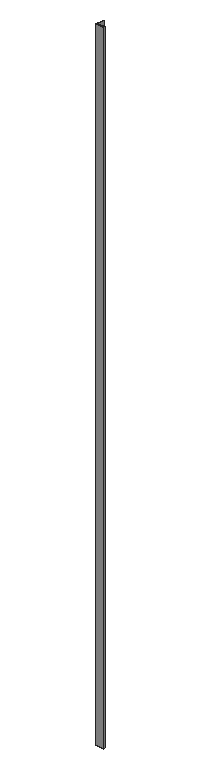
Revit family "BCA-F", category Site, Revit 2025
Family settings
  Round Connector Dimension = Use Diameter
  Part Type = Normal
  Work Plane-Based = No
  Always vertical = Yes
  Cut with Voids When Loaded = No
  Shared = No
Parameters (values of type "Postech-Vistech BCA-F")
  Dist holes = 0' - 0 3/4"
  Dist H holes = 0' - 1"
Reference planes (in)
  plane 1 "Center (Front/Back)": y = 0
  plane 2: z = 0
  plane 3 "Center (Left/Right)": x = 0
Forms (in)
  Extrusion 1, solid, material "Galvanized"
    sketch origin (0, 0, 0) x (1, 0, 0) y (0, 1, 0)
      loop
        line (0, 0) -> (1.5, 0) -> (1.5, 0.1875) -> (0.1875, 0.1875) -> (0.1875, 1.5) -> (0, 1.5) -> (0, 0)
    from 0 to 120
  Extrusion 2, void
    sketch origin (0, 0, 0) x (0, 1, 0) y (0, 0, 1)
      loop
        circle (0.75, 1) r 0.21875
    from 0 to 0.1875
  Extrusion 3, void
    sketch origin (0, 0, 2) x (0, 1, 0) y (0, 0, 1)
      loop
        circle (0.75, 1) r 0.21875
    from 0 to 0.1875
  Extrusion 4, void
    sketch origin (0, 0, 4) x (0, 1, 0) y (0, 0, 1)
      loop
        circle (0.75, 1) r 0.21875
    from 0 to 0.1875
  Extrusion 5, void
    sketch origin (0, 0, 6) x (0, 1, 0) y (0, 0, 1)
      loop
        circle (0.75, 1) r 0.21875
    from 0 to 0.1875
  Extrusion 6, void
    sketch origin (0, 0, 8) x (0, 1, 0) y (0, 0, 1)
      loop
        circle (0.75, 1) r 0.21875
    from 0 to 0.1875
  Extrusion 7, void
    sketch origin (0, 0, 10) x (0, 1, 0) y (0, 0, 1)
      loop
        circle (0.75, 1) r 0.21875
    from 0 to 0.1875
  Extrusion 8, void
    sketch origin (0, 0, 12) x (0, 1, 0) y (0, 0, 1)
      loop
        circle (0.75, 1) r 0.21875
    from 0 to 0.1875
  Extrusion 9, void
    sketch origin (0, 0, 14) x (0, 1, 0) y (0, 0, 1)
      loop
        circle (0.75, 1) r 0.21875
    from 0 to 0.1875
  Extrusion 10, void
    sketch origin (0, 0, 16) x (0, 1, 0) y (0, 0, 1)
      loop
        circle (0.75, 1) r 0.21875
    from 0 to 0.1875
  Extrusion 11, void
    sketch origin (0, 0, 18) x (0, 1, 0) y (0, 0, 1)
      loop
        circle (0.75, 1) r 0.21875
    from 0 to 0.1875
  Extrusion 12, void
    sketch origin (0, 0, 20) x (0, 1, 0) y (0, 0, 1)
      loop
        circle (0.75, 1) r 0.21875
    from 0 to 0.1875
  Extrusion 13, void
    sketch origin (0, 0, 22) x (0, 1, 0) y (0, 0, 1)
      loop
        circle (0.75, 1) r 0.21875
    from 0 to 0.1875
  Extrusion 14, void
    sketch origin (0, 0, 24) x (0, 1, 0) y (0, 0, 1)
      loop
        circle (0.75, 1) r 0.21875
    from 0 to 0.1875
  Extrusion 15, void
    sketch origin (0, 0, 26) x (0, 1, 0) y (0, 0, 1)
      loop
        circle (0.75, 1) r 0.21875
    from 0 to 0.1875
  Extrusion 16, void
    sketch origin (0, 0, 28) x (0, 1, 0) y (0, 0, 1)
      loop
        circle (0.75, 1) r 0.21875
    from 0 to 0.1875
  Extrusion 17, void
    sketch origin (0, 0, 30) x (0, 1, 0) y (0, 0, 1)
      loop
        circle (0.75, 1) r 0.21875
    from 0 to 0.1875
  Extrusion 18, void
    sketch origin (0, 0, 32) x (0, 1, 0) y (0, 0, 1)
      loop
        circle (0.75, 1) r 0.21875
    from 0 to 0.1875
  Extrusion 19, void
    sketch origin (0, 0, 34) x (0, 1, 0) y (0, 0, 1)
      loop
        circle (0.75, 1) r 0.21875
    from 0 to 0.1875
  Extrusion 20, void
    sketch origin (0, 0, 36) x (0, 1, 0) y (0, 0, 1)
      loop
        circle (0.75, 1) r 0.21875
    from 0 to 0.1875
  Extrusion 21, void
    sketch origin (0, 0, 38) x (0, 1, 0) y (0, 0, 1)
      loop
        circle (0.75, 1) r 0.21875
    from 0 to 0.1875
  Extrusion 22, void
    sketch origin (0, 0, 40) x (0, 1, 0) y (0, 0, 1)
      loop
        circle (0.75, 1) r 0.21875
    from 0 to 0.1875
  Extrusion 23, void
    sketch origin (0, 0, 42) x (0, 1, 0) y (0, 0, 1)
      loop
        circle (0.75, 1) r 0.21875
    from 0 to 0.1875
  Extrusion 24, void
    sketch origin (0, 0, 44) x (0, 1, 0) y (0, 0, 1)
      loop
        circle (0.75, 1) r 0.21875
    from 0 to 0.1875
  Extrusion 25, void
    sketch origin (0, 0, 46) x (0, 1, 0) y (0, 0, 1)
      loop
        circle (0.75, 1) r 0.21875
    from 0 to 0.1875
  Extrusion 26, void
    sketch origin (0, 0, 48) x (0, 1, 0) y (0, 0, 1)
      loop
        circle (0.75, 1) r 0.21875
    from 0 to 0.1875
  Extrusion 27, void
    sketch origin (0, 0, 50) x (0, 1, 0) y (0, 0, 1)
      loop
        circle (0.75, 1) r 0.21875
    from 0 to 0.1875
  Extrusion 28, void
    sketch origin (0, 0, 52) x (0, 1, 0) y (0, 0, 1)
      loop
        circle (0.75, 1) r 0.21875
    from 0 to 0.1875
  Extrusion 29, void
    sketch origin (0, 0, 54) x (0, 1, 0) y (0, 0, 1)
      loop
        circle (0.75, 1) r 0.21875
    from 0 to 0.1875
  Extrusion 30, void
    sketch origin (0, 0, 56) x (0, 1, 0) y (0, 0, 1)
      loop
        circle (0.75, 1) r 0.21875
    from 0 to 0.1875
  Extrusion 31, void
    sketch origin (0, 0, 58) x (0, 1, 0) y (0, 0, 1)
      loop
        circle (0.75, 1) r 0.21875
    from 0 to 0.1875
  Extrusion 32, void
    sketch origin (0, 0, 60) x (0, 1, 0) y (0, 0, 1)
      loop
        circle (0.75, 1) r 0.21875
    from 0 to 0.1875
  Extrusion 33, void
    sketch origin (0, 0, 62) x (0, 1, 0) y (0, 0, 1)
      loop
        circle (0.75, 1) r 0.21875
    from 0 to 0.1875
  Extrusion 34, void
    sketch origin (0, 0, 64) x (0, 1, 0) y (0, 0, 1)
      loop
        circle (0.75, 1) r 0.21875
    from 0 to 0.1875
  Extrusion 35, void
    sketch origin (0, 0, 66) x (0, 1, 0) y (0, 0, 1)
      loop
        circle (0.75, 1) r 0.21875
    from 0 to 0.1875
  Extrusion 36, void
    sketch origin (0, 0, 68) x (0, 1, 0) y (0, 0, 1)
      loop
        circle (0.75, 1) r 0.21875
    from 0 to 0.1875
  Extrusion 37, void
    sketch origin (0, 0, 70) x (0, 1, 0) y (0, 0, 1)
      loop
        circle (0.75, 1) r 0.21875
    from 0 to 0.1875
  Extrusion 38, void
    sketch origin (0, 0, 72) x (0, 1, 0) y (0, 0, 1)
      loop
        circle (0.75, 1) r 0.21875
    from 0 to 0.1875
  Extrusion 39, void
    sketch origin (0, 0, 74) x (0, 1, 0) y (0, 0, 1)
      loop
        circle (0.75, 1) r 0.21875
    from 0 to 0.1875
  Extrusion 40, void
    sketch origin (0, 0, 76) x (0, 1, 0) y (0, 0, 1)
      loop
        circle (0.75, 1) r 0.21875
    from 0 to 0.1875
  Extrusion 41, void
    sketch origin (0, 0, 78) x (0, 1, 0) y (0, 0, 1)
      loop
        circle (0.75, 1) r 0.21875
    from 0 to 0.1875
  Extrusion 42, void
    sketch origin (0, 0, 80) x (0, 1, 0) y (0, 0, 1)
      loop
        circle (0.75, 1) r 0.21875
    from 0 to 0.1875
  Extrusion 43, void
    sketch origin (0, 0, 82) x (0, 1, 0) y (0, 0, 1)
      loop
        circle (0.75, 1) r 0.21875
    from 0 to 0.1875
  Extrusion 44, void
    sketch origin (0, 0, 84) x (0, 1, 0) y (0, 0, 1)
      loop
        circle (0.75, 1) r 0.21875
    from 0 to 0.1875
  Extrusion 45, void
    sketch origin (0, 0, 86) x (0, 1, 0) y (0, 0, 1)
      loop
        circle (0.75, 1) r 0.21875
    from 0 to 0.1875
  Extrusion 46, void
    sketch origin (0, 0, 88) x (0, 1, 0) y (0, 0, 1)
      loop
        circle (0.75, 1) r 0.21875
    from 0 to 0.1875
  Extrusion 47, void
    sketch origin (0, 0, 90) x (0, 1, 0) y (0, 0, 1)
      loop
        circle (0.75, 1) r 0.21875
    from 0 to 0.1875
  Extrusion 48, void
    sketch origin (0, 0, 92) x (0, 1, 0) y (0, 0, 1)
      loop
        circle (0.75, 1) r 0.21875
    from 0 to 0.1875
  Extrusion 49, void
    sketch origin (0, 0, 94) x (0, 1, 0) y (0, 0, 1)
      loop
        circle (0.75, 1) r 0.21875
    from 0 to 0.1875
  Extrusion 50, void
    sketch origin (0, 0, 96) x (0, 1, 0) y (0, 0, 1)
      loop
        circle (0.75, 1) r 0.21875
    from 0 to 0.1875
  Extrusion 51, void
    sketch origin (0, 0, 98) x (0, 1, 0) y (0, 0, 1)
      loop
        circle (0.75, 1) r 0.21875
    from 0 to 0.1875
  Extrusion 52, void
    sketch origin (0, 0, 100) x (0, 1, 0) y (0, 0, 1)
      loop
        circle (0.75, 1) r 0.21875
    from 0 to 0.1875
  Extrusion 53, void
    sketch origin (0, 0, 102) x (0, 1, 0) y (0, 0, 1)
      loop
        circle (0.75, 1) r 0.21875
    from 0 to 0.1875
  Extrusion 54, void
    sketch origin (0, 0, 104) x (0, 1, 0) y (0, 0, 1)
      loop
        circle (0.75, 1) r 0.21875
    from 0 to 0.1875
  Extrusion 55, void
    sketch origin (0, 0, 106) x (0, 1, 0) y (0, 0, 1)
      loop
        circle (0.75, 1) r 0.21875
    from 0 to 0.1875
  Extrusion 56, void
    sketch origin (0, 0, 108) x (0, 1, 0) y (0, 0, 1)
      loop
        circle (0.75, 1) r 0.21875
    from 0 to 0.1875
  Extrusion 57, void
    sketch origin (0, 0, 110) x (0, 1, 0) y (0, 0, 1)
      loop
        circle (0.75, 1) r 0.21875
    from 0 to 0.1875
  Extrusion 58, void
    sketch origin (0, 0, 112) x (0, 1, 0) y (0, 0, 1)
      loop
        circle (0.75, 1) r 0.21875
    from 0 to 0.1875
  Extrusion 59, void
    sketch origin (0, 0, 114) x (0, 1, 0) y (0, 0, 1)
      loop
        circle (0.75, 1) r 0.21875
    from 0 to 0.1875
  Extrusion 60, void
    sketch origin (0, 0, 116) x (0, 1, 0) y (0, 0, 1)
      loop
        circle (0.75, 1) r 0.21875
    from 0 to 0.1875
  Extrusion 61, void
    sketch origin (0, 0, 118) x (0, 1, 0) y (0, 0, 1)
      loop
        circle (0.75, 1) r 0.21875
    from 0 to 0.1875
Cuts and joins
  Extrusion 2, Extrusion 3, Extrusion 4, Extrusion 5, Extrusion 6, Extrusion 7, Extrusion 8, Extrusion 9, Extrusion 10, Extrusion 11, Extrusion 12, Extrusion 13, Extrusion 14, Extrusion 15, Extrusion 16, Extrusion 17, Extrusion 18, Extrusion 19, Extrusion 20, Extrusion 21, Extrusion 22, Extrusion 23, Extrusion 24, Extrusion 25, Extrusion 26, Extrusion 27, Extrusion 28, Extrusion 29, Extrusion 30, Extrusion 31, Extrusion 32, Extrusion 33, Extrusion 34, Extrusion 35, Extrusion 36, Extrusion 37, Extrusion 38, Extrusion 39, Extrusion 40, Extrusion 41, Extrusion 42, Extrusion 43, Extrusion 44, Extrusion 45, Extrusion 46, Extrusion 47, Extrusion 48, Extrusion 49, Extrusion 50, Extrusion 51, Extrusion 52, Extrusion 53, Extrusion 54, Extrusion 55, Extrusion 56, Extrusion 57, Extrusion 58, Extrusion 59, Extrusion 60, Extrusion 61 cuts Extrusion 1
Dimensions and locks (in)
  equal spacing: group 1, group 2, group 3, group 4, group 5, group 6, group 7, group 8, group 9, group 10, group 11, group 12, group 13, group 14, group 15, group 16, group 17, group 18, group 19, group 20, group 21, group 22, group 23, group 24, group 25, group 26, group 27, group 28, group 29, group 30, group 31, group 32, group 33, group 34, group 35, group 36, group 37, group 38, group 39, group 40, group 41, group 42, group 43, group 44, group 45, group 46, group 47, group 48, group 49, group 50, group 51, group 52, group 53, group 54, group 55, group 56, group 57, group 58, group 59, group 60  (x3)
Automatic sketch dimensions
  Extrusion 1 sketch curve to plane 3 "Center (Left/Right)" = 0' - 0"
  plane 1 "Center (Front/Back)" to Extrusion 1 sketch curve = 0' - 0"
  plane 3 "Center (Left/Right)" to Extrusion 1 sketch curve = 0' - 0 3/16"
  Extrusion 1 sketch curve to plane 1 "Center (Front/Back)" = 0' - 0 3/16"
  Extrusion 1 sketch curve to Extrusion 1 sketch curve = 0' - 1 5/16"  (x2)
  radius of Extrusion 2 sketch curve = 0' - 0 7/32"
  radius of Extrusion 3 sketch curve = 0' - 0 7/32"
  radius of Extrusion 4 sketch curve = 0' - 0 7/32"
  radius of Extrusion 5 sketch curve = 0' - 0 7/32"
  radius of Extrusion 6 sketch curve = 0' - 0 7/32"
  radius of Extrusion 7 sketch curve = 0' - 0 7/32"
  radius of Extrusion 8 sketch curve = 0' - 0 7/32"
  radius of Extrusion 9 sketch curve = 0' - 0 7/32"
  radius of Extrusion 10 sketch curve = 0' - 0 7/32"
  radius of Extrusion 11 sketch curve = 0' - 0 7/32"
  radius of Extrusion 12 sketch curve = 0' - 0 7/32"
  radius of Extrusion 13 sketch curve = 0' - 0 7/32"
  radius of Extrusion 14 sketch curve = 0' - 0 7/32"
  radius of Extrusion 15 sketch curve = 0' - 0 7/32"
  radius of Extrusion 16 sketch curve = 0' - 0 7/32"
  radius of Extrusion 17 sketch curve = 0' - 0 7/32"
  radius of Extrusion 18 sketch curve = 0' - 0 7/32"
  radius of Extrusion 19 sketch curve = 0' - 0 7/32"
  radius of Extrusion 20 sketch curve = 0' - 0 7/32"
  radius of Extrusion 21 sketch curve = 0' - 0 7/32"
  radius of Extrusion 22 sketch curve = 0' - 0 7/32"
  radius of Extrusion 23 sketch curve = 0' - 0 7/32"
  radius of Extrusion 24 sketch curve = 0' - 0 7/32"
  radius of Extrusion 25 sketch curve = 0' - 0 7/32"
  radius of Extrusion 26 sketch curve = 0' - 0 7/32"
  radius of Extrusion 27 sketch curve = 0' - 0 7/32"
  radius of Extrusion 28 sketch curve = 0' - 0 7/32"
  radius of Extrusion 29 sketch curve = 0' - 0 7/32"
  radius of Extrusion 30 sketch curve = 0' - 0 7/32"
  radius of Extrusion 31 sketch curve = 0' - 0 7/32"
  radius of Extrusion 32 sketch curve = 0' - 0 7/32"
  radius of Extrusion 33 sketch curve = 0' - 0 7/32"
  radius of Extrusion 34 sketch curve = 0' - 0 7/32"
  radius of Extrusion 35 sketch curve = 0' - 0 7/32"
  radius of Extrusion 36 sketch curve = 0' - 0 7/32"
  radius of Extrusion 37 sketch curve = 0' - 0 7/32"
  radius of Extrusion 38 sketch curve = 0' - 0 7/32"
  radius of Extrusion 39 sketch curve = 0' - 0 7/32"
  radius of Extrusion 40 sketch curve = 0' - 0 7/32"
  radius of Extrusion 41 sketch curve = 0' - 0 7/32"
  radius of Extrusion 42 sketch curve = 0' - 0 7/32"
  radius of Extrusion 43 sketch curve = 0' - 0 7/32"
  radius of Extrusion 44 sketch curve = 0' - 0 7/32"
  radius of Extrusion 45 sketch curve = 0' - 0 7/32"
  radius of Extrusion 46 sketch curve = 0' - 0 7/32"
  radius of Extrusion 47 sketch curve = 0' - 0 7/32"
  radius of Extrusion 48 sketch curve = 0' - 0 7/32"
  radius of Extrusion 49 sketch curve = 0' - 0 7/32"
  radius of Extrusion 50 sketch curve = 0' - 0 7/32"
  radius of Extrusion 51 sketch curve = 0' - 0 7/32"
  radius of Extrusion 52 sketch curve = 0' - 0 7/32"
  radius of Extrusion 53 sketch curve = 0' - 0 7/32"
  radius of Extrusion 54 sketch curve = 0' - 0 7/32"
  radius of Extrusion 55 sketch curve = 0' - 0 7/32"
  radius of Extrusion 56 sketch curve = 0' - 0 7/32"
  radius of Extrusion 57 sketch curve = 0' - 0 7/32"
  radius of Extrusion 58 sketch curve = 0' - 0 7/32"
  radius of Extrusion 59 sketch curve = 0' - 0 7/32"
  radius of Extrusion 60 sketch curve = 0' - 0 7/32"
  radius of Extrusion 61 sketch curve = 0' - 0 7/32"
